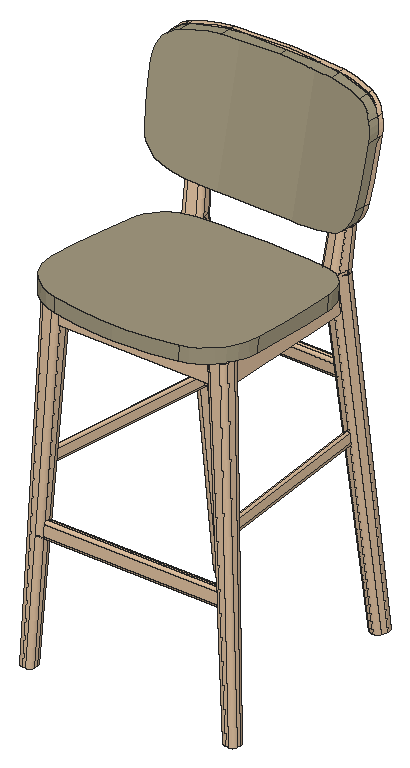
Revit family "FU_Stool_Sandler_Celina 3-13", category Furniture, Revit 2020
Family settings
  OmniClass Number = 23.40.20.00
  OmniClass Title = General Furniture and Specialties
  Work Plane-Based = No
  Always vertical = Yes
  Cut with Voids When Loaded = No
  Shared = No
  Room Calculation Point = No
Parameters (values of type "Celina 3.13")
  Width = 475 mm
  Upholstery = Fabric - Mainline Flax - Tooting MLF17
  URL = "https://www.sandlerseating.com/product/celina-3-13/"
  Model = "Celina 3.13"
  Manufacturer = "Sandler"
  Height = 1090 mm
  Frame = Wood - Beech - Cherry Wood - V
  Description = "Barstool with a upholstered seat and back panel. The frame is in solid beech."
  Depth = 550 mm
  Default Elevation = 0 mm
Reference planes
  plane 1 "Center (Front/Back)": y = 0
  plane 2: z = 0
  plane 3 "Center (Left/Right)": x = 0
  plane 4 "Right": x = -237.5
  plane 5 "Left": x = 237.5
  plane 6 "Back": y = 275
  plane 7 "Front": y = -275
  plane 8 "Height": z = 1090
  plane 9 "Seat height": z = 770
  plane 10 "Seat Frame Base": through (4267.2, 159.453, 701.275) normal (0, -0.0523, -0.9986)
  plane 11: through (4267.2, 256.992, 4.174) normal (0, -0.9912, -0.1325)
  plane 12: through (4267.2, 195.782, 966.959) normal (0, 0.9866, -0.1633)
  plane 13 "BRL C FRONT": x = -169.085
  plane 14 "BL H": z = 741.259
  plane 15 "Cross Stretch RIGHT": z = 402.471
Forms (mm)
  Sweep 1, solid, material "Fabric - Mainline Flax - Tooting MLF17" <- "Upholstery"
    path origin (0, 0, 0) x (0, 1, 0) y (0, 0, 1)
      loop
        line (154.569, 770) -> (234.758, 1108.042)
    profile "Pro_celina_Back_UPH : Pro_celina_Back_UPH" origin (0, 194.663, 939.021) x (0, -0.972998, 0.230812) y (1, 0, 0)
      loop
        arc (43.165, 250) -> (3, 0) -> (43.165, -250) r 798.125
        line (43.165, -250) -> (73.165, -250)
        arc (73.165, -250) -> (33, 0) -> (73.165, 250) r 798.125
        line (73.165, 250) -> (43.165, 250)
  Extrusion 2, void
    sketch origin (0, 0, 0) x (1, 0, 0) y (0, 0, 1)
      loop
        line (0, 1090) -> (-120, 1090)
        arc (-120, 1090) -> (-157.187, 1088.102) -> (-193.987, 1082.427) r 365.188
        arc (-193.987, 1082.427) -> (-214.772, 1073.022) -> (-229.541, 1055.635) r 52.064
        arc (-229.541, 1055.635) -> (-235.86, 1038.434) -> (-237.5, 1020.182) r 70.03
        arc (-237.5, 1020.182) -> (-236.007, 959.471) -> (-231.011, 898.947) r 1050.98
        arc (-231.011, 898.947) -> (-222.49, 872.227) -> (-204.346, 850.843) r 71.485
        arc (-204.346, 850.843) -> (-187.552, 840.272) -> (-168.882, 833.545) r 92.057
        arc (-168.882, 833.545) -> (-132.35, 824.773) -> (-95.021, 820.522) r 307.517
        arc (-95.021, 820.522) -> (-47.524, 818.407) -> (0, 817.032) r 3053.671
        arc (0, 817.032) -> (47.524, 818.407) -> (95.021, 820.522) r 3053.671
        arc (95.021, 820.522) -> (132.35, 824.773) -> (168.882, 833.545) r 307.517
        arc (168.882, 833.545) -> (187.552, 840.272) -> (204.346, 850.843) r 92.057
        arc (204.346, 850.843) -> (222.49, 872.227) -> (231.011, 898.947) r 71.485
        arc (231.011, 898.947) -> (236.007, 959.471) -> (237.5, 1020.182) r 1050.98
        arc (237.5, 1020.182) -> (235.86, 1038.434) -> (229.541, 1055.635) r 70.03
        arc (229.541, 1055.635) -> (214.772, 1073.022) -> (193.987, 1082.427) r 52.064
        arc (193.987, 1082.427) -> (157.187, 1088.102) -> (120, 1090) r 365.188
        line (120, 1090) -> (0, 1090)
      loop
        line (-260, 1133.116) -> (-260, 753.116) -> (260, 753.116) -> (260, 1133.116) -> (-260, 1133.116)
    from -246.089 to -79.753
  Extrusion 3, solid, material "Wood - Beech - Cherry Wood - V" <- "Frame"
    sketch origin (0, 37.088, 707.688) x (0, 0.99863, -0.052336) y (1, 0, 0)
      loop
        line (-206.882, 168.434) -> (113.974, 140.363) -> (116.413, 168.234) -> (-204.444, 196.305) -> (-206.882, 168.434)
    from -7 to 40
  Extrusion 4, solid, material "Wood - Beech - Cherry Wood - V" <- "Frame"
    sketch origin (0, 37.088, 707.688) x (0, 0.99863, -0.052336) y (1, 0, 0)
      loop
        line (-206.882, -168.434) -> (-204.444, -196.305) -> (116.413, -168.234) -> (113.974, -140.363) -> (-206.882, -168.434)
    from -7 to 40
  Extrusion 5, solid, material "Wood - Beech - Cherry Wood - V" <- "Frame"
    sketch origin (0, 0, 0) x (1, 0, 0) y (0, 0, 1)
      loop
        spline (0, 722.98) -> (-13.573, 723.047) -> (-27.153, 723.18) -> (-40.733, 723.381) -> (-54.308, 723.648) -> (-67.871, 723.981) -> (-81.416, 724.382) -> (-94.937, 724.848) -> (-108.428, 725.381) -> (-121.883, 725.979) -> (-135.296, 726.643) -> (-148.659, 727.372) -> (-161.969, 728.166)
        line (-161.969, 728.166) -> (-164.929, 677.955) -> (164.929, 677.955) -> (161.969, 728.156)
        spline (161.969, 728.156) -> (148.66, 727.367) -> (135.296, 726.643) -> (121.883, 725.982) -> (108.429, 725.387) -> (94.937, 724.856) -> (81.416, 724.391) -> (67.871, 723.991) -> (54.308, 723.657) -> (40.733, 723.389) -> (27.152, 723.187) -> (13.573, 723.05) -> (0, 722.98)
    from 173.5 to 201.5
  Blend 6, solid, material "Wood - Beech - Cherry Wood - V" <- "Frame"
    base sketch origin (0, 0, 0) x (1, 0, 0) y (0, 1, 0)
      loop
        arc (-224.698, -192.341) -> (-232.122, -195.416) -> (-235.198, -202.841) r 10.5
        line (-235.198, -202.841) -> (-235.198, -210.841)
        arc (-235.198, -210.841) -> (-232.122, -218.265) -> (-224.698, -221.341) r 10.5
        line (-224.698, -221.341) -> (-216.698, -221.341)
        arc (-216.698, -221.341) -> (-209.273, -218.265) -> (-206.198, -210.841) r 10.5
        line (-206.198, -210.841) -> (-206.198, -202.841)
        arc (-206.198, -202.841) -> (-209.273, -195.416) -> (-216.698, -192.341) r 10.5
        line (-216.698, -192.341) -> (-224.698, -192.341)
    top sketch origin (0, 0, 0) x (1, 0, 0) y (0, 1, 0)
      loop
        arc (-190.863, -165.163) -> (-197.934, -168.092) -> (-200.863, -175.163) r 10
        line (-200.863, -175.163) -> (-200.863, -195.903)
        arc (-200.863, -195.903) -> (-197.934, -202.974) -> (-190.863, -205.903) r 10
        line (-190.863, -205.903) -> (-170.215, -205.903)
        arc (-170.215, -205.903) -> (-163.144, -202.974) -> (-160.215, -195.903) r 10
        line (-160.215, -195.903) -> (-160.215, -175.163)
        arc (-160.215, -175.163) -> (-163.144, -168.092) -> (-170.215, -165.163) r 10
        line (-170.215, -165.163) -> (-190.863, -165.163)
    from 0 to 728.156
  Blend 7, solid, material "Wood - Beech - Cherry Wood - V" <- "Frame"
    base sketch origin (0, 0, 0) x (-1, 0, 0) y (0, -1, 0)
      loop
        line (-224.698, 192.341) -> (-216.698, 192.341)
        arc (-216.698, 192.341) -> (-209.273, 195.416) -> (-206.198, 202.841) r 10.5
        line (-206.198, 202.841) -> (-206.198, 210.841)
        arc (-206.198, 210.841) -> (-209.273, 218.265) -> (-216.698, 221.341) r 10.5
        line (-216.698, 221.341) -> (-224.698, 221.341)
        arc (-224.698, 221.341) -> (-232.122, 218.265) -> (-235.198, 210.841) r 10.5
        line (-235.198, 210.841) -> (-235.198, 202.841)
        arc (-235.198, 202.841) -> (-232.122, 195.416) -> (-224.698, 192.341) r 10.5
    top sketch origin (0, 0, 0) x (-1, 0, 0) y (0, -1, 0)
      loop
        line (-190.863, 165.163) -> (-170.215, 165.163)
        arc (-170.215, 165.163) -> (-163.144, 168.092) -> (-160.215, 175.163) r 10
        line (-160.215, 175.163) -> (-160.215, 195.903)
        arc (-160.215, 195.903) -> (-163.144, 202.974) -> (-170.215, 205.903) r 10
        line (-170.215, 205.903) -> (-190.863, 205.903)
        arc (-190.863, 205.903) -> (-197.934, 202.974) -> (-200.863, 195.903) r 10
        line (-200.863, 195.903) -> (-200.863, 175.163)
        arc (-200.863, 175.163) -> (-197.934, 168.092) -> (-190.863, 165.163) r 10
    from 0 to 728.156
  SweptBlend 8, solid, material "Wood - Beech - Cherry Wood - V" <- "Frame"
    path origin (-169.085, 0, 0) x (0, 0, -1) y (0, -1, 0)
      loop
        line (3.053, -257.958) -> (-743.383, -158.146)
    profile origin (-169.085, 257.958, -3.053) x (0, 0.991178, 0.13254) y (-1, 0, 0)
      loop
        arc (-9.924, 12.667) -> (-16.974, 7.397) -> (-18.232, -1.314) r 11.5
        line (-18.232, -1.314) -> (-16.697, -7.348)
        arc (-16.697, -7.348) -> (-11.427, -14.398) -> (-2.715, -15.656) r 11.5
        line (-2.715, -15.656) -> (8.773, -12.732)
        arc (8.773, -12.732) -> (15.822, -7.462) -> (17.081, 1.249) r 11.5
        line (17.081, 1.249) -> (15.545, 7.283)
        arc (15.545, 7.283) -> (10.275, 14.332) -> (1.564, 15.591) r 11.5
        line (1.564, 15.591) -> (-9.924, 12.667)
    end profile origin (-169.085, 158.146, 743.383) x (0, 0.991178, 0.13254) y (-1, 0, 0)
      loop
        line (4.626, 6.197) -> (-15.096, 0.888)
        arc (-15.096, 0.888) -> (-21.466, -4.012) -> (-22.505, -11.981) r 10.5
        line (-22.505, -11.981) -> (-17.36, -31.092)
        arc (-17.36, -31.092) -> (-12.46, -37.462) -> (-4.491, -38.501) r 10.5
        line (-4.491, -38.501) -> (15.23, -33.192)
        arc (15.23, -33.192) -> (21.6, -28.292) -> (22.639, -20.323) r 10.5
        line (22.639, -20.323) -> (17.494, -1.212)
        arc (17.494, -1.212) -> (12.594, 5.158) -> (4.626, 6.197) r 10.5
  SweptBlend 9, solid, material "Wood - Beech - Cherry Wood - V" <- "Frame"
    path origin (-169.085, 0, 0) x (0, 0, -1) y (0, -1, 0)
      loop
        line (-736.013, -157.561) -> (-975.754, -197.237)
    profile origin (-169.085, 157.561, 736.013) x (0, 0.986581, -0.163275) y (-1, 0, 0)
      loop
        line (5.456, 6.197) -> (-14.265, 0.888)
        arc (-14.265, 0.888) -> (-20.635, -4.012) -> (-21.675, -11.981) r 10.5
        line (-21.675, -11.981) -> (-16.53, -31.092)
        arc (-16.53, -31.092) -> (-11.63, -37.462) -> (-3.661, -38.501) r 10.5
        line (-3.661, -38.501) -> (16.06, -33.192)
        arc (16.06, -33.192) -> (22.43, -28.292) -> (23.47, -20.323) r 10.5
        line (23.47, -20.323) -> (18.325, -1.212)
        arc (18.325, -1.212) -> (13.425, 5.158) -> (5.456, 6.197) r 10.5
    end profile origin (-169.085, 197.237, 975.754) x (0, 0.986581, -0.163275) y (-1, 0, 0)
      loop
        arc (10.443, 5.767) -> (6.259, 11.239) -> (-0.569, 12.149) r 9
        line (-0.569, 12.149) -> (-11.406, 9.265)
        arc (-11.406, 9.265) -> (-16.88, 5.078) -> (-17.791, -1.753) r 9.005
        line (-17.791, -1.753) -> (-13.32, -18.551)
        arc (-13.32, -18.551) -> (-9.135, -24.023) -> (-2.307, -24.933) r 9
        line (-2.307, -24.933) -> (8.534, -22.047)
        arc (8.534, -22.047) -> (14.005, -17.863) -> (14.916, -11.035) r 9
        line (14.916, -11.035) -> (10.443, 5.767)
  SweptBlend 10, solid, material "Wood - Beech - Cherry Wood - V" <- "Frame"
    path origin (169.085, 0, 0) x (0, 0, -1) y (0, 1, 0)
      loop
        line (3.053, 257.958) -> (-743.383, 158.146)
    profile origin (169.085, 257.958, -3.053) x (0, -0.991178, -0.13254) y (1, 0, 0)
      loop
        line (9.924, 12.667) -> (-1.564, 15.591)
        arc (-1.564, 15.591) -> (-10.275, 14.332) -> (-15.545, 7.283) r 11.5
        line (-15.545, 7.283) -> (-17.081, 1.249)
        arc (-17.081, 1.249) -> (-15.822, -7.462) -> (-8.773, -12.732) r 11.5
        line (-8.773, -12.732) -> (2.715, -15.656)
        arc (2.715, -15.656) -> (11.427, -14.398) -> (16.697, -7.348) r 11.5
        line (16.697, -7.348) -> (18.232, -1.314)
        arc (18.232, -1.314) -> (16.974, 7.397) -> (9.924, 12.667) r 11.5
    end profile origin (169.085, 158.146, 743.383) x (0, -0.991178, -0.13254) y (1, 0, 0)
      loop
        arc (-4.626, 6.197) -> (-12.594, 5.158) -> (-17.494, -1.212) r 10.5
        line (-17.494, -1.212) -> (-22.639, -20.323)
        arc (-22.639, -20.323) -> (-21.6, -28.292) -> (-15.23, -33.192) r 10.5
        line (-15.23, -33.192) -> (4.491, -38.501)
        arc (4.491, -38.501) -> (12.46, -37.462) -> (17.36, -31.092) r 10.5
        line (17.36, -31.092) -> (22.505, -11.981)
        arc (22.505, -11.981) -> (21.466, -4.012) -> (15.096, 0.888) r 10.5
        line (15.096, 0.888) -> (-4.626, 6.197)
  SweptBlend 11, solid, material "Wood - Beech - Cherry Wood - V" <- "Frame"
    path origin (169.085, 0, 0) x (0, 0, -1) y (0, 1, 0)
      loop
        line (-736.013, 157.561) -> (-975.754, 197.237)
    profile origin (169.085, 157.561, 736.013) x (0, -0.986581, 0.163275) y (1, 0, 0)
      loop
        arc (-5.456, 6.197) -> (-13.425, 5.158) -> (-18.325, -1.212) r 10.5
        line (-18.325, -1.212) -> (-23.47, -20.323)
        arc (-23.47, -20.323) -> (-22.43, -28.292) -> (-16.06, -33.192) r 10.5
        line (-16.06, -33.192) -> (3.661, -38.501)
        arc (3.661, -38.501) -> (11.63, -37.462) -> (16.53, -31.092) r 10.5
        line (16.53, -31.092) -> (21.675, -11.981)
        arc (21.675, -11.981) -> (20.635, -4.012) -> (14.265, 0.888) r 10.5
        line (14.265, 0.888) -> (-5.456, 6.197)
    end profile origin (169.085, 197.237, 975.754) x (0, -0.986581, 0.163275) y (1, 0, 0)
      loop
        line (-10.443, 5.767) -> (-14.916, -11.035)
        arc (-14.916, -11.035) -> (-14.005, -17.863) -> (-8.534, -22.047) r 9
        line (-8.534, -22.047) -> (2.307, -24.933)
        arc (2.307, -24.933) -> (9.135, -24.023) -> (13.32, -18.551) r 9
        line (13.32, -18.551) -> (17.791, -1.753)
        arc (17.791, -1.753) -> (16.88, 5.078) -> (11.406, 9.265) r 9.005
        line (11.406, 9.265) -> (0.569, 12.149)
        arc (0.569, 12.149) -> (-6.259, 11.239) -> (-10.443, 5.767) r 9
  Extrusion 12, void
    sketch origin (0, 0, 0) x (1, 0, 0) y (0, 1, 0)
      loop
        line (-200.713, 290.36) -> (-200.713, 230.36) -> (-140.713, 230.36) -> (-140.713, 290.36) -> (-200.713, 290.36)
    from 0 to -10
  Extrusion 13, void
    sketch origin (0, 0, 0) x (-1, 0, 0) y (0, -1, 0)
      loop
        line (-200.713, -290.36) -> (-140.713, -290.36) -> (-140.713, -230.36) -> (-200.713, -230.36) -> (-200.713, -290.36)
    from 0 to -10
  Extrusion 14, solid, material "Wood - Beech - Cherry Wood - V" <- "Frame"
    sketch origin (0, 0, 0) x (0, 1, 0) y (0, 0, 1)
      loop
        arc (-209.827, 259.938) -> (-208.115, 255.614) -> (-203.828, 253.811) r 6
        line (-203.828, 253.811) -> (-197.594, 253.811)
        arc (-197.594, 253.811) -> (-193.396, 255.524) -> (-191.595, 259.685) r 6
        line (-191.595, 259.685) -> (-191.084, 283.964)
        arc (-191.084, 283.964) -> (-192.795, 288.288) -> (-197.082, 290.09) r 6
        line (-197.082, 290.09) -> (-203.3, 290.09)
        arc (-203.3, 290.09) -> (-207.51, 288.372) -> (-209.316, 284.2) r 6.017
        line (-209.316, 284.2) -> (-209.827, 259.938)
    from -204 to 204
  Extrusion 15, solid, material "Wood - Beech - Cherry Wood - V" <- "Frame"
    sketch origin (0, 384.812, 261.678) x (0, 1, 0) y (0, 0, 1)
      loop
        arc (-209.597, 258.954) -> (-207.212, 254.962) -> (-202.691, 253.872) r 6
        line (-202.691, 253.872) -> (-196.538, 254.875)
        arc (-196.538, 254.875) -> (-192.67, 257.241) -> (-191.562, 261.637) r 6
        line (-191.562, 261.637) -> (-194.961, 285.681)
        arc (-194.961, 285.681) -> (-197.346, 289.674) -> (-201.867, 290.763) r 6
        line (-201.867, 290.763) -> (-208.004, 289.763)
        arc (-208.004, 289.763) -> (-211.882, 287.391) -> (-212.994, 282.982) r 6.017
        line (-212.994, 282.982) -> (-209.597, 258.954)
    from -170 to 170
  Blend 16, solid, material "Wood - Beech - Cherry Wood - V" <- "Frame"
    base sketch origin (0, 0, 0) x (1, 0, 0) y (0, 0, 1)
      loop
        arc (-204.013, 392.248) -> (-202.593, 388.608) -> (-199.015, 387.042) r 5.1
        arc (-199.015, 387.042) -> (-195.511, 388.532) -> (-194.016, 392.033) r 5.1
        line (-194.016, 392.033) -> (-193.599, 411.833)
        arc (-193.599, 411.833) -> (-195.016, 415.47) -> (-198.591, 417.039) r 5.1
        arc (-198.591, 417.039) -> (-202.1, 415.543) -> (-203.597, 412.034) r 5.114
        line (-203.597, 412.034) -> (-204.013, 392.248)
    top sketch origin (0, 0, 0) x (1, 0, 0) y (0, 0, 1)
      loop
        arc (-162.73, 392.248) -> (-161.31, 388.608) -> (-157.731, 387.042) r 5.1
        arc (-157.731, 387.042) -> (-154.227, 388.532) -> (-152.732, 392.033) r 5.1
        line (-152.732, 392.033) -> (-152.315, 411.833)
        arc (-152.315, 411.833) -> (-153.733, 415.47) -> (-157.307, 417.039) r 5.1
        arc (-157.307, 417.039) -> (-160.816, 415.543) -> (-162.313, 412.034) r 5.114
        line (-162.313, 412.034) -> (-162.73, 392.248)
    from 185 to -223.991
  Blend 17, solid, material "Wood - Beech - Cherry Wood - V" <- "Frame"
    base sketch origin (0, 0, 0) x (-1, 0, 0) y (0, 0, -1)
      loop
        line (-204.013, -392.248) -> (-203.597, -412.034)
        arc (-203.597, -412.034) -> (-202.1, -415.543) -> (-198.591, -417.039) r 5.114
        arc (-198.591, -417.039) -> (-195.016, -415.47) -> (-193.599, -411.833) r 5.1
        line (-193.599, -411.833) -> (-194.016, -392.033)
        arc (-194.016, -392.033) -> (-195.511, -388.532) -> (-199.015, -387.042) r 5.1
        arc (-199.015, -387.042) -> (-202.593, -388.608) -> (-204.013, -392.248) r 5.1
    top sketch origin (0, 0, 0) x (-1, 0, 0) y (0, 0, -1)
      loop
        line (-162.73, -392.248) -> (-162.313, -412.034)
        arc (-162.313, -412.034) -> (-160.816, -415.543) -> (-157.307, -417.039) r 5.114
        arc (-157.307, -417.039) -> (-153.733, -415.47) -> (-152.315, -411.833) r 5.1
        line (-152.315, -411.833) -> (-152.732, -392.033)
        arc (-152.732, -392.033) -> (-154.227, -388.532) -> (-157.731, -387.042) r 5.1
        arc (-157.731, -387.042) -> (-161.31, -388.608) -> (-162.73, -392.248) r 5.1
    from 185 to -195
  Extrusion 18, void
    sketch origin (0, -1.247, 716.188) x (-1, 0, 0) y (0, -0.99863, 0.052336)
      loop
        arc (214.558, -57.177) -> (221.795, 42.482) -> (224.696, 142.362) r 2299.665
        arc (224.696, 142.362) -> (199.156, 211.771) -> (134.193, 247.125) r 105
        arc (134.193, 247.125) -> (0, 256.431) -> (-134.193, 247.125) r 972.123
        arc (-134.193, 247.125) -> (-199.156, 211.771) -> (-224.696, 142.362) r 105
        arc (-224.696, 142.362) -> (-221.795, 42.482) -> (-214.558, -57.177) r 2299.665
        arc (-214.558, -57.177) -> (-192.741, -114.92) -> (-140.647, -148.032) r 97.621
        arc (-140.647, -148.032) -> (0, -160.406) -> (140.647, -148.032) r 805.516
        arc (140.647, -148.032) -> (192.741, -114.92) -> (214.558, -57.177) r 97.621
      loop
        line (248.521, -200.925) -> (248.521, 289.075) -> (-251.479, 289.075) -> (-251.479, -200.925) -> (248.521, -200.925)
    from 47.032 to -5.681
  Sweep 19, solid, material "Fabric - Mainline Flax - Tooting MLF17" <- "Upholstery"
    path origin (0, -1.247, 716.188) x (-1, 0, 0) y (0, -0.99863, 0.052336)
      loop
        line (0, 274.741) -> (0, -195.259)
    profile "Pro_celina_Seat_UPH : Pro_celina_Seat_UPH" origin (0, -40.934, 718.268) x (-1, 0, 0) y (0, 0.052336, 0.99863)
      loop
        arc (-226.228, 11.375) -> (0, 0) -> (226.228, 11.375) r 2255.339
        line (226.228, 11.375) -> (226.228, 41.375)
        arc (226.228, 41.375) -> (0, 30) -> (-226.228, 41.375) r 2255.339
        line (-226.228, 41.375) -> (-226.228, 11.375)
  Sweep 20, solid, material "Wood - Beech - Cherry Wood - V" <- "Frame"
    path origin (0, 0, 0) x (0, 1, 0) y (0, 0, 1)
      loop
        line (154.569, 770) -> (234.758, 1108.042)
    profile "Pro_celina_Back : Pro_celina_Back" origin (0, 194.663, 939.021) x (0, -0.972998, 0.230812) y (1, 0, 0)
      loop
        arc (50.165, -250) -> (10, 0) -> (50.165, 250) r 798.119
        line (50.165, 250) -> (40.165, 250)
        arc (40.165, 250) -> (0, 0) -> (40.165, -250) r 798.125
        line (40.165, -250) -> (50.165, -250)
  Extrusion 21, void
    sketch origin (0, 0, 0) x (1, 0, 0) y (0, 0, 1)
      loop
        line (0, 1088.75) -> (-120.05, 1088.75)
        arc (-120.05, 1088.75) -> (-156.865, 1086.871) -> (-193.297, 1081.252) r 361.536
        arc (-193.297, 1081.252) -> (-213.874, 1071.942) -> (-228.495, 1054.729) r 51.543
        arc (-228.495, 1054.729) -> (-234.751, 1037.699) -> (-236.375, 1019.63) r 69.33
        arc (-236.375, 1019.63) -> (-234.897, 959.526) -> (-229.951, 899.607) r 1040.47
        arc (-229.951, 899.607) -> (-221.515, 873.155) -> (-203.553, 851.984) r 70.77
        arc (-203.553, 851.984) -> (-186.926, 841.519) -> (-168.443, 834.86) r 91.136
        arc (-168.443, 834.86) -> (-132.277, 826.176) -> (-95.321, 821.967) r 304.441
        arc (-95.321, 821.967) -> (-47.987, 819.861) -> (-0.625, 818.498) r 3023.134
        arc (-0.625, 818.498) -> (46.737, 819.861) -> (94.071, 821.967) r 3023.134
        arc (94.071, 821.967) -> (129.37, 825.888) -> (163.972, 833.894) r 304.441
        arc (163.972, 833.894) -> (184.858, 840.542) -> (203.553, 851.984) r 91.136
        arc (203.553, 851.984) -> (221.515, 873.155) -> (229.951, 899.607) r 70.77
        arc (229.951, 899.607) -> (234.897, 959.526) -> (236.375, 1019.63) r 1040.47
        arc (236.375, 1019.63) -> (234.751, 1037.699) -> (228.495, 1054.729) r 69.33
        arc (228.495, 1054.729) -> (213.874, 1071.942) -> (193.297, 1081.252) r 51.543
        arc (193.297, 1081.252) -> (156.865, 1086.871) -> (120.05, 1088.75) r 361.536
        line (120.05, 1088.75) -> (0, 1088.75)
      loop
        line (-260, 1133.116) -> (-260, 753.116) -> (260, 753.116) -> (260, 1133.116) -> (-260, 1133.116)
    from -243.662 to -78.832
Cuts and joins
  Extrusion 12, Extrusion 13 cuts SweptBlend 8
  Extrusion 13 cuts SweptBlend 10
  Extrusion 18 cuts Sweep 19
  Extrusion 21 cuts Sweep 1
  Extrusion 2 cuts Sweep 20
Dimensions and locks
  equal spacing: plane 4 "Right", plane 3 "Center (Left/Right)", plane 5 "Left"
  "Width": plane 4 "Right" to plane 5 "Left"
  equal spacing: plane 6 "Back", plane 1 "Center (Front/Back)", plane 7 "Front"
  "Depth": plane 6 "Back" to plane 7 "Front"
  "Height": plane 8 "Height" to level
  plane 9 "Seat height" to level = 770 mm
  aligned and locked: level to plane 2
Automatic sketch dimensions
  Sweep 1 sketch curve to plane 9 "Seat height" = 0 mm
  Sweep 1 sketch curve to plane 6 "Back" = 120.431 mm
  plane 8 "Height" to Sweep 1 sketch curve = 18.042 mm
  Sweep 1 sketch curve to plane 6 "Back" = 40.242 mm
  plane 4 "Right" to Extrusion 2 sketch curve = 0 mm
  Extrusion 2 sketch curve to plane 8 "Height" = 0 mm
  Extrusion 2 sketch curve to plane 3 "Center (Left/Right)" = 0 mm  (x2)
  plane 5 "Left" to Extrusion 2 sketch curve = 0 mm
  plane 4 "Right" to Extrusion 2 sketch curve = 22.5 mm
  Extrusion 2 sketch curve to plane 8 "Height" = 74.355 mm  (x2)
  Extrusion 2 sketch curve to Extrusion 2 sketch curve = 553.47 mm  (x2)
  plane 13 "BRL C FRONT" to Extrusion 2 sketch curve = 14.354 mm
  Extrusion 2 sketch curve to plane 13 "BRL C FRONT" = 1.555 mm
  Extrusion 2 sketch curve to plane 13 "BRL C FRONT" = 9.117 mm
  Extrusion 2 sketch curve to Extrusion 2 sketch curve = 12.771 mm  (x2)
  Extrusion 2 sketch curve to plane 14 "BL H" = 16.447 mm  (x2)
  Extrusion 2 sketch curve to plane 13 "BRL C FRONT" = 49.085 mm
  Extrusion 2 sketch curve to Extrusion 2 sketch curve = 41.05 mm
  Extrusion 2 sketch curve to plane 3 "Center (Left/Right)" = 64.564 mm
  plane 3 "Center (Left/Right)" to Extrusion 2 sketch curve = 64.564 mm
  plane 8 "Height" to Extrusion 2 sketch curve = 37.618 mm  (x2)
  plane 3 "Center (Left/Right)" to Extrusion 2 sketch curve = 78.95 mm
  plane 5 "Left" to Extrusion 2 sketch curve = 117.5 mm
  plane 5 "Left" to Extrusion 2 sketch curve = 90.303 mm
  plane 5 "Left" to Extrusion 2 sketch curve = 69.97 mm
  Extrusion 2 sketch curve to Extrusion 2 sketch curve = 15.909 mm
  Extrusion 2 sketch curve to plane 5 "Left" = 22.5 mm
  plane 14 "BL H" to Extrusion 2 sketch curve = 11.857 mm
  plane 9 "Seat height" to Extrusion 2 sketch curve = 136.884 mm  (x2)
  Extrusion 2 sketch curve to Extrusion 2 sketch curve = 16.127 mm  (x2)
  Extrusion 2 sketch curve to plane 8 "Height" = 66.906 mm  (x2)
  Extrusion 2 sketch curve to Extrusion 2 sketch curve = 8.349 mm  (x2)
  plane 8 "Height" to Extrusion 2 sketch curve = 43.116 mm
  Extrusion 2 sketch curve to Extrusion 2 sketch curve = 2742.401 mm
  Extrusion 2 sketch curve to Extrusion 2 sketch curve = 0 mm  (x9)
  Extrusion 2 sketch curve to Extrusion 2 sketch curve = 71.043 mm
  Extrusion 2 sketch curve to plane 13 "BRL C FRONT" = 0.203 mm
  plane 9 "Seat height" to Extrusion 2 sketch curve = 63.545 mm
  plane 5 "Left" to Extrusion 3 sketch curve = 69.066 mm
  plane 5 "Left" to Extrusion 3 sketch curve = 41.195 mm
  Extrusion 3 sketch curve to Extrusion 3 sketch curve = 2.438 mm
  plane 5 "Left" to Extrusion 3 sketch curve = 97.137 mm
  plane 13 "BRL C FRONT" to Extrusion 4 sketch curve = 0.651 mm
  Extrusion 4 sketch curve to plane 13 "BRL C FRONT" = 27.22 mm
  Extrusion 4 sketch curve to Extrusion 4 sketch curve = 2.438 mm
  plane 13 "BRL C FRONT" to Extrusion 4 sketch curve = 28.722 mm
  Extrusion 5 sketch curve to plane 13 "BRL C FRONT" = 4.156 mm
  Extrusion 5 sketch curve to plane 13 "BRL C FRONT" = 7.116 mm
  Extrusion 5 sketch curve to plane 14 "BL H" = 13.103 mm
  plane 5 "Left" to Extrusion 5 sketch curve = 75.531 mm
  Extrusion 5 sketch curve to Extrusion 5 sketch curve = 2.96 mm
  Extrusion 5 sketch curve to Extrusion 5 sketch curve = 50.201 mm
  Extrusion 5 sketch curve to Extrusion 5 sketch curve = 50.211 mm
  Extrusion 5 sketch curve to plane 3 "Center (Left/Right)" = 28.551 mm
  Extrusion 5 sketch curve to plane 3 "Center (Left/Right)" = 0 mm
  plane 3 "Center (Left/Right)" to Extrusion 5 sketch curve = 28.575 mm
  plane 9 "Seat height" to Extrusion 5 sketch curve = 91.627 mm
  Extrusion 5 sketch curve to plane 5 "Left" = 370.996 mm
  Extrusion 5 sketch curve to Extrusion 5 sketch curve = 57.126 mm
  Blend 6 sketch curve to plane 4 "Right" = 2.302 mm
  Blend 6 sketch curve to plane 4 "Right" = 12.802 mm
  Blend 6 sketch curve to Blend 6 sketch curve = 0 mm
  Blend 6 sketch curve to Blend 6 sketch curve = 8 mm  (x3)
  Blend 6 sketch curve to Blend 6 sketch curve = 10.5 mm
  plane 7 "Front" to Blend 6 sketch curve = 53.659 mm
  plane 13 "BRL C FRONT" to Blend 6 sketch curve = 31.778 mm
  Blend 6 sketch curve to Blend 6 sketch curve = 10 mm  (x2)
  plane 13 "BRL C FRONT" to Blend 6 sketch curve = 1.13 mm  (x2)
  Blend 6 sketch curve to plane 13 "BRL C FRONT" = 8.87 mm
  plane 7 "Front" to Blend 6 sketch curve = 69.097 mm
  Blend 6 sketch curve to Blend 6 sketch curve = 20.739 mm
  Blend 7 sketch curve to plane 5 "Left" = 2.302 mm
  Blend 7 sketch curve to plane 5 "Left" = 12.802 mm
  Blend 7 sketch curve to Blend 7 sketch curve = 0 mm
  Blend 7 sketch curve to Blend 7 sketch curve = 8 mm  (x3)
  Blend 7 sketch curve to Blend 7 sketch curve = 10.5 mm
  Blend 7 sketch curve to plane 7 "Front" = 53.659 mm
  Blend 7 sketch curve to plane 5 "Left" = 36.637 mm
  Blend 7 sketch curve to Blend 7 sketch curve = 10 mm  (x3)
  Blend 7 sketch curve to Blend 7 sketch curve = 20.648 mm  (x2)
  Blend 7 sketch curve to plane 7 "Front" = 69.097 mm
  Blend 7 sketch curve to Blend 7 sketch curve = 20.739 mm
  plane 11 to SweptBlend 8 sketch curve = 0 mm  (x2)
  plane 14 "BL H" to SweptBlend 8 sketch curve = 2.124 mm
  SweptBlend 8 sketch curve to level = 3.053 mm
  SweptBlend 8 sketch curve to plane 13 "BRL C FRONT" = 1.314 mm
  profile plane to SweptBlend 8 sketch curve = 18.232 mm
  SweptBlend 8 sketch curve to plane 13 "BRL C FRONT" = 7.348 mm
  SweptBlend 8 sketch curve to SweptBlend 8 sketch curve = 1.536 mm  (x2)
  profile plane to SweptBlend 8 sketch curve = 9.924 mm
  plane 13 "BRL C FRONT" to SweptBlend 8 sketch curve = 1.522 mm
  profile plane to SweptBlend 8 sketch curve = 7.088 mm
  profile plane to SweptBlend 8 sketch curve = 5.552 mm
  profile plane to SweptBlend 8 sketch curve = 2.715 mm
  SweptBlend 8 sketch curve to profile plane = 1.564 mm
  SweptBlend 8 sketch curve to profile plane = 4.4 mm
  SweptBlend 8 sketch curve to plane 13 "BRL C FRONT" = 1.587 mm
  SweptBlend 8 sketch curve to profile plane = 5.936 mm
  SweptBlend 8 sketch curve to profile plane = 8.773 mm
  plane 13 "BRL C FRONT" to SweptBlend 8 sketch curve = 7.283 mm
  SweptBlend 8 sketch curve to SweptBlend 8 sketch curve = 11.145 mm
  plane 13 "BRL C FRONT" to SweptBlend 8 sketch curve = 1.249 mm
  SweptBlend 8 sketch curve to SweptBlend 8 sketch curve = 2.924 mm
  plane 13 "BRL C FRONT" to SweptBlend 8 sketch curve = 4.446 mm
  profile plane to SweptBlend 8 sketch curve = 22.505 mm
  profile plane to SweptBlend 8 sketch curve = 17.36 mm
  plane 13 "BRL C FRONT" to SweptBlend 8 sketch curve = 0.888 mm
  SweptBlend 8 sketch curve to SweptBlend 8 sketch curve = 7.409 mm
  SweptBlend 8 sketch curve to plane 13 "BRL C FRONT" = 9.251 mm
  SweptBlend 8 sketch curve to SweptBlend 8 sketch curve = 2.73 mm  (x4)
  profile plane to SweptBlend 8 sketch curve = 7.221 mm
  profile plane to SweptBlend 8 sketch curve = 4.491 mm
  SweptBlend 8 sketch curve to profile plane = 4.626 mm
  SweptBlend 8 sketch curve to profile plane = 7.355 mm
  SweptBlend 8 sketch curve to profile plane = 12.5 mm
  SweptBlend 8 sketch curve to plane 13 "BRL C FRONT" = 1.212 mm
  SweptBlend 8 sketch curve to SweptBlend 8 sketch curve = 10.139 mm  (x2)
  SweptBlend 8 sketch curve to SweptBlend 8 sketch curve = 19.111 mm  (x2)
  SweptBlend 8 sketch curve to plane 13 "BRL C FRONT" = 3.942 mm
  plane 12 to SweptBlend 9 sketch curve = 0 mm  (x2)
  SweptBlend 9 sketch curve to plane 6 "Back" = 77.763 mm
  SweptBlend 9 sketch curve to plane 14 "BL H" = 5.246 mm
  profile plane to SweptBlend 9 sketch curve = 21.675 mm
  profile plane to SweptBlend 9 sketch curve = 16.53 mm
  plane 13 "BRL C FRONT" to SweptBlend 9 sketch curve = 0.888 mm
  profile plane to SweptBlend 9 sketch curve = 14.265 mm
  SweptBlend 9 sketch curve to plane 13 "BRL C FRONT" = 9.251 mm
  SweptBlend 9 sketch curve to SweptBlend 9 sketch curve = 10.139 mm  (x3)
  profile plane to SweptBlend 9 sketch curve = 6.391 mm
  profile plane to SweptBlend 9 sketch curve = 3.661 mm
  SweptBlend 9 sketch curve to profile plane = 5.456 mm
  SweptBlend 9 sketch curve to plane 13 "BRL C FRONT" = 3.942 mm
  SweptBlend 9 sketch curve to profile plane = 8.186 mm
  SweptBlend 9 sketch curve to profile plane = 13.331 mm
  SweptBlend 9 sketch curve to SweptBlend 9 sketch curve = 2.73 mm  (x3)
  SweptBlend 9 sketch curve to plane 13 "BRL C FRONT" = 1.212 mm
  SweptBlend 9 sketch curve to SweptBlend 9 sketch curve = 19.111 mm  (x2)
  SweptBlend 9 sketch curve to plane 13 "BRL C FRONT" = 1.753 mm
  profile plane to SweptBlend 9 sketch curve = 17.791 mm
  profile plane to SweptBlend 9 sketch curve = 13.32 mm
  profile plane to SweptBlend 9 sketch curve = 11.406 mm
  plane 13 "BRL C FRONT" to SweptBlend 9 sketch curve = 0.563 mm
  SweptBlend 9 sketch curve to SweptBlend 9 sketch curve = 2.316 mm
  profile plane to SweptBlend 9 sketch curve = 4.622 mm
  profile plane to SweptBlend 9 sketch curve = 2.307 mm
  profile plane to SweptBlend 9 sketch curve = 0.569 mm
  SweptBlend 9 sketch curve to profile plane = 1.746 mm
  SweptBlend 9 sketch curve to profile plane = 6.218 mm
  SweptBlend 9 sketch curve to profile plane = 8.534 mm
  plane 13 "BRL C FRONT" to SweptBlend 9 sketch curve = 5.767 mm
  SweptBlend 9 sketch curve to SweptBlend 9 sketch curve = 8.697 mm  (x2)
  SweptBlend 9 sketch curve to plane 13 "BRL C FRONT" = 11.035 mm
  SweptBlend 9 sketch curve to SweptBlend 9 sketch curve = 2.315 mm  (x2)
  SweptBlend 9 sketch curve to SweptBlend 9 sketch curve = 2.886 mm
  plane 13 "BRL C FRONT" to SweptBlend 9 sketch curve = 3.452 mm
  SweptBlend 10 sketch curve to plane 11 = 0 mm
  plane 11 to SweptBlend 10 sketch curve = 0 mm
  plane 14 "BL H" to SweptBlend 10 sketch curve = 2.124 mm
  SweptBlend 10 sketch curve to level = 3.053 mm
  profile plane to SweptBlend 10 sketch curve = 1.249 mm
  profile plane to SweptBlend 10 sketch curve = 17.081 mm
  profile plane to SweptBlend 10 sketch curve = 7.283 mm
  SweptBlend 10 sketch curve to SweptBlend 10 sketch curve = 1.536 mm  (x3)
  profile plane to SweptBlend 10 sketch curve = 8.773 mm
  SweptBlend 10 sketch curve to profile plane = 1.587 mm
  profile plane to SweptBlend 10 sketch curve = 5.936 mm
  profile plane to SweptBlend 10 sketch curve = 4.4 mm
  profile plane to SweptBlend 10 sketch curve = 1.564 mm
  SweptBlend 10 sketch curve to profile plane = 2.715 mm
  SweptBlend 10 sketch curve to profile plane = 5.552 mm
  profile plane to SweptBlend 10 sketch curve = 1.522 mm
  SweptBlend 10 sketch curve to profile plane = 9.924 mm
  SweptBlend 10 sketch curve to profile plane = 7.348 mm
  SweptBlend 10 sketch curve to SweptBlend 10 sketch curve = 11.145 mm
  SweptBlend 10 sketch curve to profile plane = 1.314 mm
  SweptBlend 10 sketch curve to SweptBlend 10 sketch curve = 2.924 mm
  profile plane to SweptBlend 10 sketch curve = 4.446 mm
  profile plane to SweptBlend 10 sketch curve = 22.639 mm
  SweptBlend 10 sketch curve to profile plane = 1.212 mm
  profile plane to SweptBlend 10 sketch curve = 17.494 mm
  SweptBlend 10 sketch curve to SweptBlend 10 sketch curve = 7.409 mm
  SweptBlend 10 sketch curve to SweptBlend 10 sketch curve = 10.139 mm  (x3)
  profile plane to SweptBlend 10 sketch curve = 7.355 mm
  profile plane to SweptBlend 10 sketch curve = 4.626 mm
  SweptBlend 10 sketch curve to profile plane = 4.491 mm
  SweptBlend 10 sketch curve to profile plane = 7.221 mm
  SweptBlend 10 sketch curve to profile plane = 12.366 mm
  profile plane to SweptBlend 10 sketch curve = 0.888 mm
  SweptBlend 10 sketch curve to SweptBlend 10 sketch curve = 2.73 mm  (x3)
  SweptBlend 10 sketch curve to profile plane = 11.981 mm
  SweptBlend 10 sketch curve to SweptBlend 10 sketch curve = 19.111 mm  (x2)
  SweptBlend 10 sketch curve to profile plane = 3.942 mm
  plane 12 to SweptBlend 11 sketch curve = 0 mm
  SweptBlend 11 sketch curve to plane 12 = 0 mm
  SweptBlend 11 sketch curve to plane 6 "Back" = 77.763 mm
  SweptBlend 11 sketch curve to plane 14 "BL H" = 5.246 mm
  profile plane to SweptBlend 11 sketch curve = 23.47 mm
  SweptBlend 11 sketch curve to profile plane = 1.212 mm
  profile plane to SweptBlend 11 sketch curve = 18.325 mm
  SweptBlend 11 sketch curve to SweptBlend 11 sketch curve = 7.409 mm
  SweptBlend 11 sketch curve to SweptBlend 11 sketch curve = 10.139 mm  (x3)
  SweptBlend 11 sketch curve to profile plane = 3.942 mm
  profile plane to SweptBlend 11 sketch curve = 8.186 mm
  profile plane to SweptBlend 11 sketch curve = 5.456 mm
  SweptBlend 11 sketch curve to profile plane = 3.661 mm
  SweptBlend 11 sketch curve to profile plane = 6.391 mm
  SweptBlend 11 sketch curve to profile plane = 11.536 mm
  profile plane to SweptBlend 11 sketch curve = 0.888 mm
  SweptBlend 11 sketch curve to SweptBlend 11 sketch curve = 2.73 mm  (x3)
  SweptBlend 11 sketch curve to profile plane = 11.981 mm
  SweptBlend 11 sketch curve to SweptBlend 11 sketch curve = 19.111 mm  (x2)
  profile plane to SweptBlend 11 sketch curve = 14.916 mm
  profile plane to SweptBlend 11 sketch curve = 10.443 mm
  profile plane to SweptBlend 11 sketch curve = 8.534 mm
  profile plane to SweptBlend 11 sketch curve = 6.218 mm
  profile plane to SweptBlend 11 sketch curve = 1.746 mm
  SweptBlend 11 sketch curve to profile plane = 0.569 mm
  SweptBlend 11 sketch curve to profile plane = 2.307 mm
  SweptBlend 11 sketch curve to profile plane = 4.622 mm
  profile plane to SweptBlend 11 sketch curve = 0.563 mm
  SweptBlend 11 sketch curve to profile plane = 9.089 mm
  SweptBlend 11 sketch curve to SweptBlend 11 sketch curve = 2.316 mm
  SweptBlend 11 sketch curve to SweptBlend 11 sketch curve = 8.697 mm
  SweptBlend 11 sketch curve to profile plane = 1.753 mm
  SweptBlend 11 sketch curve to SweptBlend 11 sketch curve = 8.702 mm
  SweptBlend 11 sketch curve to profile plane = 11.035 mm
  SweptBlend 11 sketch curve to SweptBlend 11 sketch curve = 2.315 mm  (x2)
  SweptBlend 11 sketch curve to SweptBlend 11 sketch curve = 2.886 mm
  profile plane to SweptBlend 11 sketch curve = 3.452 mm
  profile plane to SweptBlend 11 sketch curve = 5.767 mm
  plane 13 "BRL C FRONT" to Extrusion 12 sketch curve = 31.628 mm
  Extrusion 12 sketch curve to plane 13 "BRL C FRONT" = 28.372 mm
  Extrusion 12 sketch curve to plane 6 "Back" = 44.64 mm
  plane 6 "Back" to Extrusion 12 sketch curve = 15.36 mm
  Extrusion 13 sketch curve to plane 5 "Left" = 36.787 mm
  Extrusion 13 sketch curve to Extrusion 13 sketch curve = 60 mm
  plane 6 "Back" to Extrusion 13 sketch curve = 44.64 mm
  Extrusion 13 sketch curve to plane 6 "Back" = 15.36 mm
  plane 7 "Front" to Extrusion 14 sketch curve = 65.173 mm
  Extrusion 14 sketch curve to Extrusion 14 sketch curve = 0.511 mm
  Extrusion 14 sketch curve to Extrusion 14 sketch curve = 5.999 mm  (x3)
  Extrusion 14 sketch curve to Extrusion 14 sketch curve = 6.016 mm
  Extrusion 14 sketch curve to Extrusion 14 sketch curve = 6.235 mm
  Extrusion 14 sketch curve to Extrusion 14 sketch curve = 6.218 mm
  Extrusion 14 sketch curve to plane 15 "Cross Stretch RIGHT" = 148.66 mm
  Extrusion 14 sketch curve to Extrusion 14 sketch curve = 5.874 mm
  Extrusion 14 sketch curve to Extrusion 14 sketch curve = 6 mm
  Extrusion 14 sketch curve to Extrusion 14 sketch curve = 24.278 mm
  Extrusion 14 sketch curve to Extrusion 14 sketch curve = 0.109 mm
  Extrusion 14 sketch curve to Extrusion 14 sketch curve = 0.126 mm
  Extrusion 15 sketch curve to plane 6 "Back" = 103.182 mm
  Extrusion 15 sketch curve to Extrusion 15 sketch curve = 3.397 mm
  Extrusion 15 sketch curve to Extrusion 15 sketch curve = 4.99 mm
  Extrusion 15 sketch curve to Extrusion 15 sketch curve = 5.958 mm
  Extrusion 15 sketch curve to Extrusion 15 sketch curve = 5.941 mm  (x3)
  Extrusion 15 sketch curve to Extrusion 15 sketch curve = 0.965 mm  (x3)
  Extrusion 15 sketch curve to Extrusion 15 sketch curve = 6.137 mm
  Extrusion 15 sketch curve to Extrusion 15 sketch curve = 6.153 mm
  plane 15 "Cross Stretch RIGHT" to Extrusion 15 sketch curve = 113.079 mm
  Extrusion 15 sketch curve to Extrusion 15 sketch curve = 1.003 mm
  Extrusion 15 sketch curve to Extrusion 15 sketch curve = 5.082 mm
  Extrusion 15 sketch curve to Extrusion 15 sketch curve = 5.922 mm
  Extrusion 15 sketch curve to Extrusion 15 sketch curve = 24.028 mm
  Extrusion 15 sketch curve to Extrusion 15 sketch curve = 0.842 mm
  Extrusion 15 sketch curve to Extrusion 15 sketch curve = 1.017 mm
  Extrusion 15 sketch curve to Extrusion 15 sketch curve = 0.84 mm
  Blend 16 sketch curve to plane 15 "Cross Stretch RIGHT" = 10.223 mm
  Blend 16 sketch curve to plane 4 "Right" = 33.487 mm
  plane 15 "Cross Stretch RIGHT" to Blend 16 sketch curve = 9.562 mm
  Blend 16 sketch curve to Blend 16 sketch curve = 0.417 mm
  Blend 16 sketch curve to Blend 16 sketch curve = 4.899 mm  (x6)
  Blend 16 sketch curve to Blend 16 sketch curve = 0.2 mm  (x2)
  Blend 16 sketch curve to Blend 16 sketch curve = 0.214 mm  (x2)
  Blend 16 sketch curve to plane 15 "Cross Stretch RIGHT" = 10.438 mm  (x2)
  plane 15 "Cross Stretch RIGHT" to Blend 16 sketch curve = 9.362 mm  (x2)
  Blend 16 sketch curve to Blend 16 sketch curve = 4.885 mm  (x2)
  Blend 16 sketch curve to Blend 16 sketch curve = 0.107 mm  (x3)
  Blend 16 sketch curve to Blend 16 sketch curve = 0 mm  (x2)
  Blend 16 sketch curve to Blend 16 sketch curve = 0.093 mm  (x3)
  Blend 16 sketch curve to Blend 16 sketch curve = 0.014 mm  (x2)
  Blend 16 sketch curve to plane 13 "BRL C FRONT" = 6.355 mm
  Blend 16 sketch curve to plane 13 "BRL C FRONT" = 6.772 mm
  plane 15 "Cross Stretch RIGHT" to Blend 17 sketch curve = 10.223 mm  (x2)
  Blend 17 sketch curve to plane 5 "Left" = 33.487 mm
  Blend 17 sketch curve to plane 15 "Cross Stretch RIGHT" = 9.562 mm  (x2)
  Blend 17 sketch curve to Blend 17 sketch curve = 0.417 mm  (x2)
  Blend 17 sketch curve to Blend 17 sketch curve = 4.899 mm  (x6)
  Blend 17 sketch curve to Blend 17 sketch curve = 0.2 mm  (x2)
  Blend 17 sketch curve to Blend 17 sketch curve = 0.214 mm  (x2)
  plane 15 "Cross Stretch RIGHT" to Blend 17 sketch curve = 10.438 mm  (x2)
  Blend 17 sketch curve to plane 15 "Cross Stretch RIGHT" = 9.362 mm  (x2)
  Blend 17 sketch curve to Blend 17 sketch curve = 4.885 mm  (x2)
  Blend 17 sketch curve to Blend 17 sketch curve = 0.107 mm  (x2)
  Blend 17 sketch curve to Blend 17 sketch curve = 0 mm  (x2)
  Blend 17 sketch curve to Blend 17 sketch curve = 0.093 mm  (x2)
  Blend 17 sketch curve to Blend 17 sketch curve = 0.014 mm  (x2)
  Blend 17 sketch curve to plane 5 "Left" = 74.77 mm
  Extrusion 18 sketch curve to plane 3 "Center (Left/Right)" = 0 mm  (x2)
  plane 3 "Center (Left/Right)" to Extrusion 18 sketch curve = 117.013 mm
  plane 5 "Left" to Extrusion 18 sketch curve = 117.801 mm
  Extrusion 18 sketch curve to plane 5 "Left" = 13.979 mm
  Extrusion 18 sketch curve to Extrusion 18 sketch curve = 1823.429 mm
  Extrusion 18 sketch curve to plane 13 "BRL C FRONT" = 52.072 mm
  Extrusion 18 sketch curve to plane 13 "BRL C FRONT" = 49.386 mm
  plane 4 "Right" to Extrusion 18 sketch curve = 11.021 mm
  Extrusion 18 sketch curve to Extrusion 18 sketch curve = 1826.387 mm
  Extrusion 18 sketch curve to Extrusion 18 sketch curve = 514.766 mm
  Extrusion 18 sketch curve to Extrusion 18 sketch curve = 147.61 mm  (x2)
  Extrusion 18 sketch curve to Extrusion 18 sketch curve = 196.444 mm  (x2)
  Extrusion 18 sketch curve to Extrusion 18 sketch curve = 360.104 mm  (x2)
  Extrusion 18 sketch curve to Extrusion 18 sketch curve = 145.945 mm
  Extrusion 18 sketch curve to Extrusion 18 sketch curve = 356.035 mm
  plane 5 "Left" to Extrusion 18 sketch curve = 103.307 mm
  Extrusion 18 sketch curve to Extrusion 18 sketch curve = 0 mm  (x3)
  plane 5 "Left" to Extrusion 18 sketch curve = 96.853 mm
  plane 5 "Left" to Extrusion 18 sketch curve = 22.942 mm
  Extrusion 18 sketch curve to plane 13 "BRL C FRONT" = 28.438 mm
  Extrusion 18 sketch curve to plane 4 "Right" = 22.942 mm
  Sweep 19 sketch curve to plane 3 "Center (Left/Right)" = 0 mm
  Sweep 19 sketch curve to Sweep 19 sketch curve = 470 mm
  Sweep 20 sketch curve to plane 9 "Seat height" = 0 mm
  Sweep 20 sketch curve to plane 6 "Back" = 120.431 mm
  plane 8 "Height" to Sweep 20 sketch curve = 18.042 mm
  Sweep 20 sketch curve to plane 6 "Back" = 40.242 mm
  Extrusion 21 sketch curve to plane 3 "Center (Left/Right)" = 0 mm
  Extrusion 21 sketch curve to plane 3 "Center (Left/Right)" = 0.625 mm
  Extrusion 21 sketch curve to plane 3 "Center (Left/Right)" = 63.918 mm
  Extrusion 21 sketch curve to plane 3 "Center (Left/Right)" = 79.411 mm
  Extrusion 21 sketch curve to plane 8 "Height" = 1.25 mm
  Extrusion 21 sketch curve to plane 13 "BRL C FRONT" = 49.035 mm
  Extrusion 21 sketch curve to plane 13 "BRL C FRONT" = 22.11 mm
  Extrusion 21 sketch curve to plane 13 "BRL C FRONT" = 9.467 mm
  Extrusion 21 sketch curve to plane 13 "BRL C FRONT" = 1.98 mm
  plane 13 "BRL C FRONT" to Extrusion 21 sketch curve = 13.77 mm
  plane 4 "Right" to Extrusion 21 sketch curve = 22.5 mm
  Extrusion 21 sketch curve to plane 8 "Height" = 74.861 mm  (x2)
  Extrusion 21 sketch curve to Extrusion 21 sketch curve = 544.085 mm  (x2)
  plane 3 "Center (Left/Right)" to Extrusion 21 sketch curve = 62.668 mm
  plane 8 "Height" to Extrusion 21 sketch curve = 35.992 mm  (x2)
  plane 3 "Center (Left/Right)" to Extrusion 21 sketch curve = 78.161 mm
  Extrusion 21 sketch curve to plane 14 "BL H" = 14.045 mm  (x2)
  plane 5 "Left" to Extrusion 21 sketch curve = 117.45 mm
  plane 5 "Left" to Extrusion 21 sketch curve = 90.525 mm
  Extrusion 21 sketch curve to Extrusion 21 sketch curve = 12.643 mm
  plane 5 "Left" to Extrusion 21 sketch curve = 70.395 mm
  Extrusion 21 sketch curve to Extrusion 21 sketch curve = 15.75 mm
  Extrusion 21 sketch curve to plane 5 "Left" = 22.5 mm
  plane 14 "BL H" to Extrusion 21 sketch curve = 11.857 mm
  plane 9 "Seat height" to Extrusion 21 sketch curve = 137.465 mm  (x2)
  Extrusion 21 sketch curve to Extrusion 21 sketch curve = 15.966 mm  (x2)
  Extrusion 21 sketch curve to plane 8 "Height" = 67.487 mm  (x2)
  Extrusion 21 sketch curve to Extrusion 21 sketch curve = 8.265 mm  (x2)
  plane 8 "Height" to Extrusion 21 sketch curve = 43.116 mm
  Extrusion 21 sketch curve to Extrusion 21 sketch curve = 2707.853 mm
  Extrusion 21 sketch curve to Extrusion 21 sketch curve = 0 mm  (x11)
  plane 9 "Seat height" to Extrusion 21 sketch curve = 51.967 mm
  Extrusion 21 sketch curve to plane 13 "BRL C FRONT" = 0.642 mm
  plane 9 "Seat height" to Extrusion 21 sketch curve = 63.894 mm
